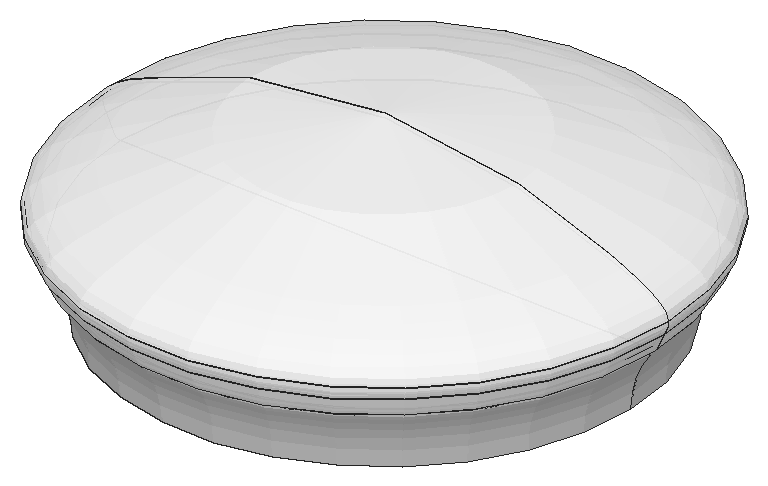
Revit family "0043405", category Lighting Devices, host Face, Revit 2023 (continued)
Definition of nested family "0043405_3000K_8.3W_lightsource"
  Parameters (values of type "START SURFACE IP54 500-2000 830/840 lightsource")
    built-in parameter 1150142 = "IESNA:LM-63-2002\r\n[TEST] 20231205007M-01\r\n[TESTLAB] \r\n[TESTDATE] 7 Dec 2023\r\n[ISSUEDATE] 7 Dec 2023\r\n[MANUFAC] SYLVANIA\r\n[LUMCAT] 0043405\r\n[LUMINAIRE] START Surface IP44 Multip 2000lm 830/840-3000K 3µµ\r\n[FLASHAREA] 0.017100\r\n[LAMPCAT] LED\r\n[LAMP] LED\r\nTILT=NONE\r\n1 930.00 1.0 361 3 1 2 -0.300 -0.300 0.000\r\n1.00 1.00 8.30\r\n0.00 0.50 1.00 1.50 2.00 2.50 3.00 3.50 4.00 4.50 5.00 \r\n5.50 6.00 6.50 7.00 7.50 8.00 8.50 9.00 9.50 10.00 10.50 \r\n11.00 11.50 12.00 12.50 13.00 13.50 14.00 14.50 15.00 \r\n15.50 16.00 16.50 17.00 17.50 18.00 18.50 19.00 19.50 \r\n20.00 20.50 21.00 21.50 22.00 22.50 23.00 23.50 24.00 \r\n24.50 25.00 25.50 26.00 26.50 27.00 27.50 28.00 28.50 \r\n29.00 29.50 30.00 30.50 31.00 31.50 32.00 32.50 33.00 \r\n33.50 34.00 34.50 35.00 35.50 36.00 36.50 37.00 37.50 \r\n38.00 38.50 39.00 39.50 40.00 40.50 41.00 41.50 42.00 \r\n42.50 43.00 43.50 44.00 44.50 45.00 45.50 46.00 46.50 \r\n47.00 47.50 48.00 48.50 49.00 49.50 50.00 50.50 51.00 \r\n51.50 52.00 52.50 53.00 53.50 54.00 54.50 55.00 55.50 \r\n56.00 56.50 57.00 57.50 58.00 58.50 59.00 59.50 60.00 \r\n60.50 61.00 61.50 62.00 62.50 63.00 63.50 64.00 64.50 \r\n65.00 65.50 66.00 66.50 67.00 67.50 68.00 68.50 69.00 \r\n69.50 70.00 70.50 71.00 71.50 72.00 72.50 73.00 73.50 \r\n74.00 74.50 75.00 75.50 76.00 76.50 77.00 77.50 78.00 \r\n78.50 79.00 79.50 80.00 80.50 81.00 81.50 82.00 82.50 \r\n83.00 83.50 84.00 84.50 85.00 85.50 86.00 86.50 87.00 \r\n87.50 88.00 88.50 89.00 89.50 90.00 90.50 91.00 91.50 \r\n92.00 92.50 93.00 93.50 94.00 94.50 95.00 95.50 96.00 \r\n96.50 97.00 97.50 98.00 98.50 99.00 99.50 100.00 100.50 \r\n101.00 101.50 102.00 102.50 103.00 103.50 104.00 104.50 \r\n105.00 105.50 106.00 106.50 107.00 107.50 108.00 108.50 \r\n109.00 109.50 110.00 110.50 111.00 111.50 112.00 112.50 \r\n113.00 113.50 114.00 114.50 115.00 115.50 116.00 116.50 \r\n117.00 117.50 118.00 118.50 119.00 119.50 120.00 120.50 \r\n121.00 121.50 122.00 122.50 123.00 123.50 124.00 124.50 \r\n125.00 125.50 126.00 126.50 127.00 127.50 128.00 128.50 \r\n129.00 129.50 130.00 130.50 131.00 131.50 132.00 132.50 \r\n133.00 133.50 134.00 134.50 135.00 135.50 136.00 136.50 \r\n137.00 137.50 138.00 138.50 139.00 139.50 140.00 140.50 \r\n141.00 141.50 142.00 142.50 143.00 143.50 144.00 144.50 \r\n145.00 145.50 146.00 146.50 147.00 147.50 148.00 148.50 \r\n149.00 149.50 150.00 150.50 151.00 151.50 152.00 152.50 \r\n153.00 153.50 154.00 154.50 155.00 155.50 156.00 156.50 \r\n157.00 157.50 158.00 158.50 159.00 159.50 160.00 160.50 \r\n161.00 161.50 162.00 162.50 163.00 163.50 164.00 164.50 \r\n165.00 165.50 166.00 166.50 167.00 167.50 168.00 168.50 \r\n169.00 169.50 170.00 170.50 171.00 171.50 172.00 172.50 \r\n173.00 173.50 174.00 174.50 175.00 175.50 176.00 176.50 \r\n177.00 177.50 178.00 178.50 179.00 179.50 180.00 \r\n0.00 45.00 90.00 \r\n254.26 254.17 254.08 254.08 253.89 253.80 253.61 253.43 \r\n253.33 253.05 252.87 252.68 252.40 252.03 251.75 251.47 \r\n251.10 250.82 250.36 249.98 249.52 249.15 248.68 248.22 \r\n247.75 247.29 246.73 246.17 245.61 245.06 244.40 243.85 \r\n243.20 242.45 241.80 241.15 240.41 239.66 238.92 238.08 \r\n237.34 236.50 235.76 234.83 233.99 233.15 232.22 231.29 \r\n230.36 229.43 228.50 227.48 226.46 225.43 224.41 223.39 \r\n222.27 221.15 220.04 218.92 217.71 216.60 215.39 214.18 \r\n212.97 211.76 210.55 209.34 208.04 206.74 205.44 204.04 \r\n202.74 201.44 200.14 198.74 197.35 195.95 194.56 193.16 \r\n191.77 190.28 188.79 187.30 185.81 184.33 182.84 181.35 \r\n179.77 178.19 176.61 175.03 173.45 171.86 170.19 168.61 \r\n166.94 165.26 163.59 161.91 160.24 158.56 156.89 155.12 \r\n153.45 151.68 149.92 148.15 146.38 144.62 142.85 141.08 \r\n139.31 137.45 135.69 133.83 132.06 130.20 128.43 126.57 \r\n124.81 122.95 121.09 119.23 117.46 115.69 113.83 111.97 \r\n110.30 108.44 106.67 104.81 103.14 101.28 99.51 97.84 \r\n96.07 94.40 92.65 90.93 89.22 87.55 85.87 84.23 82.59 \r\n81.05 79.46 77.87 76.25 74.79 73.24 71.70 70.23 68.77 \r\n67.29 65.87 64.41 62.98 61.58 60.25 58.91 57.64 56.40 \r\n55.21 53.99 52.81 51.66 50.48 49.34 48.25 47.13 46.07 \r\n44.99 43.91 42.86 41.86 40.82 39.79 38.77 37.79 36.83 \r\n35.88 34.92 34.04 33.19 32.35 31.54 30.78 30.00 29.26 \r\n28.55 27.86 27.18 26.51 25.89 25.27 24.66 24.09 23.54 \r\n23.02 22.52 22.02 21.53 21.06 20.59 20.13 19.72 19.33 \r\n18.97 18.64 18.30 17.99 17.70 17.42 17.17 16.90 16.67 \r\n16.43 16.24 16.01 15.82 15.64 15.46 15.29 15.11 14.95 \r\n14.80 14.66 14.51 14.38 14.23 14.08 13.97 13.84 13.70 \r\n13.58 13.49 13.35 13.23 13.13 13.00 12.89 12.78 12.66 \r\n12.54 12.42 12.30 12.18 12.06 11.94 11.81 11.69 11.57 \r\n11.45 11.32 11.18 11.05 10.93 10.80 10.67 10.53 10.41 \r\n10.30 10.16 10.04 9.95 9.87 9.75 9.64 9.55 9.44 9.32 9.20 \r\n9.11 8.99 8.88 8.78 8.69 8.56 8.46 8.37 8.28 8.20 8.11 \r\n8.01 7.92 7.77 7.59 7.42 7.24 7.06 6.87 6.70 6.53 6.36 \r\n6.20 6.03 5.88 5.73 5.59 5.46 5.37 5.30 5.25 5.22 5.21 \r\n5.21 5.20 5.24 5.25 5.25 5.27 5.27 5.28 5.29 5.28 5.29 \r\n5.28 5.32 5.37 5.43 5.47 5.52 5.54 5.56 5.48 5.41 5.34 \r\n5.26 5.19 5.12 4.73 4.25 3.75 3.30 2.98 2.83 2.74 2.69 \r\n2.56 2.35 2.15 2.08 2.08 2.16 2.29 2.37 2.45 2.53 2.56 \r\n2.67 3.18 3.29 3.53 3.94 4.41 4.73 4.95 5.01 4.96 4.85 \r\n254.26 254.17 254.17 254.17 254.08 253.98 253.80 253.80 \r\n253.61 253.43 253.33 253.15 252.87 252.68 252.40 252.12 \r\n251.84 251.57 251.19 250.91 250.54 250.17 249.71 249.24 \r\n248.78 248.31 247.75 247.29 246.73 246.26 245.71 245.06 \r\n244.50 243.94 243.20 242.54 241.89 241.24 240.50 239.75 \r\n239.01 238.27 237.52 236.69 235.85 235.01 234.17 233.24 \r\n232.41 231.38 230.45 229.52 228.50 227.57 226.55 225.53 \r\n224.50 223.39 222.27 221.15 220.04 218.92 217.81 216.69 \r\n215.48 214.27 213.06 211.76 210.55 209.25 208.04 206.65 \r\n205.44 204.04 202.74 201.34 200.04 198.56 197.16 195.77 \r\n194.28 192.79 191.39 189.91 188.42 186.93 185.44 183.95 \r\n182.37 180.89 179.30 177.72 176.14 174.56 172.89 171.31 \r\n169.63 167.96 166.38 164.70 163.03 161.26 159.59 157.91 \r\n156.24 154.47 152.71 150.94 149.17 147.41 145.64 143.87 \r\n142.10 140.34 138.48 136.71 134.85 133.08 131.32 129.46 \r\n127.60 125.83 123.97 122.11 120.34 118.48 116.72 114.86 \r\n113.09 111.32 109.46 107.69 105.83 104.07 102.39 100.63 \r\n98.86 97.09 95.42 93.65 91.88 90.26 88.58 86.86 85.23 \r\n83.63 81.95 80.32 78.79 77.16 75.58 74.07 72.57 71.04 \r\n69.55 68.10 66.70 65.30 63.88 62.47 61.06 59.72 58.39 \r\n57.07 55.75 54.47 53.26 52.06 50.85 49.70 48.55 47.37 \r\n46.30 45.15 44.04 42.97 41.93 40.90 39.88 38.85 37.91 \r\n37.00 36.06 35.13 34.30 33.38 32.51 31.71 30.96 30.14 \r\n29.41 28.65 27.95 27.23 26.55 25.89 25.28 24.64 24.07 \r\n23.48 22.95 22.48 21.99 21.51 21.08 20.63 20.20 19.77 \r\n19.39 19.01 18.66 18.31 18.00 17.70 17.42 17.15 16.89 \r\n16.64 16.41 16.18 16.01 15.81 15.64 15.48 15.33 15.19 \r\n15.08 14.95 14.83 14.74 14.66 14.57 14.49 14.43 14.35 \r\n14.29 14.22 14.14 14.05 13.93 13.83 13.71 13.58 13.45 \r\n13.30 13.16 13.01 12.82 12.67 12.49 12.29 12.11 11.90 \r\n11.70 11.52 11.35 11.17 10.99 10.82 10.66 10.49 10.34 \r\n10.16 10.00 9.82 9.62 9.41 9.17 8.92 8.65 8.38 8.11 7.86 \r\n7.60 7.33 7.07 6.81 6.58 6.34 6.11 5.91 5.71 5.53 5.38 \r\n5.21 5.08 4.93 4.80 4.68 4.58 4.46 4.35 4.26 4.15 4.08 \r\n4.00 3.95 3.96 3.96 3.98 3.99 3.99 4.03 4.07 4.15 4.22 \r\n4.28 4.33 4.40 4.45 4.54 4.64 4.73 4.80 4.85 4.86 4.86 \r\n4.85 4.82 4.77 4.71 4.58 4.42 4.28 4.20 4.14 4.01 3.82 \r\n3.64 3.43 3.24 3.06 2.84 2.55 2.31 2.29 2.27 2.26 2.24 \r\n2.22 2.21 2.19 2.18 2.16 2.14 2.13 2.11 2.09 2.12 2.15 \r\n2.22 2.43 2.65 2.96 3.34 3.85 4.41 4.94 5.16 5.16 5.15 \r\n254.26 254.26 254.26 254.26 254.17 254.17 254.08 253.98 \r\n253.80 253.61 253.52 253.33 253.15 252.87 252.68 252.40 \r\n252.03 251.75 251.47 251.10 250.73 250.36 249.98 249.52 \r\n249.05 248.59 248.12 247.66 247.19 246.64 246.08 245.52 \r\n244.87 244.22 243.66 243.01 242.36 241.61 240.87 240.13 \r\n239.38 238.55 237.80 236.96 236.13 235.38 234.45 233.62 \r\n232.69 231.76 230.83 229.90 228.97 228.04 226.92 225.99 \r\n224.97 223.85 222.74 221.62 220.50 219.29 218.18 216.97 \r\n215.85 214.64 213.44 212.23 210.92 209.72 208.41 207.02 \r\n205.72 204.41 203.11 201.72 200.32 199.02 197.53 196.23 \r\n194.84 193.35 191.95 190.46 188.98 187.49 186.00 184.42 \r\n182.84 181.26 179.77 178.19 176.61 175.03 173.45 171.77 \r\n170.10 168.42 166.75 165.17 163.49 161.73 160.05 158.38 \r\n156.61 154.84 153.17 151.40 149.64 147.87 146.10 144.24 \r\n142.48 140.71 138.94 137.08 135.31 133.46 131.69 129.83 \r\n128.06 126.20 124.34 122.48 120.71 118.95 117.09 115.23 \r\n113.46 111.60 109.83 108.07 106.21 104.44 102.77 101.00 \r\n99.23 97.46 95.79 94.02 92.26 90.56 88.88 87.22 85.57 \r\n83.98 82.32 80.69 79.12 77.54 76.00 74.47 72.92 71.40 \r\n69.94 68.48 67.03 65.58 64.15 62.73 61.33 59.91 58.58 \r\n57.29 55.97 54.74 53.45 52.21 50.96 49.84 48.70 47.52 \r\n46.40 45.32 44.23 43.12 42.10 41.08 40.05 39.03 38.01 \r\n37.06 36.09 35.15 34.30 33.45 32.61 31.82 31.02 30.25 \r\n29.50 28.79 28.10 27.43 26.73 26.10 25.45 24.87 24.29 \r\n23.72 23.19 22.68 22.19 21.72 21.23 20.77 20.30 19.89 \r\n19.51 19.13 18.80 18.46 18.14 17.85 17.60 17.32 17.07 \r\n16.84 16.57 16.35 16.16 15.98 15.81 15.66 15.51 15.37 \r\n15.25 15.15 15.04 14.91 14.81 14.75 14.66 14.55 14.47 \r\n14.41 14.30 14.21 14.14 14.06 13.99 13.93 13.87 13.80 \r\n13.74 13.69 13.62 13.58 13.50 13.45 13.39 13.34 13.28 \r\n13.23 13.17 13.13 13.06 13.01 12.95 12.88 12.79 12.71 \r\n12.63 12.49 12.38 12.25 12.09 11.93 11.76 11.59 11.38 \r\n11.22 11.00 10.82 10.60 10.40 10.19 9.99 9.74 9.53 9.31 \r\n9.10 8.90 8.71 8.54 8.38 8.22 8.10 7.97 7.83 7.70 7.56 \r\n7.41 7.29 7.16 7.03 6.92 6.81 6.71 6.61 6.49 6.40 6.30 \r\n6.21 6.12 6.03 5.92 5.81 5.68 5.54 5.43 5.32 5.19 5.08 \r\n4.94 4.74 4.48 4.28 4.08 3.86 3.68 3.50 3.29 3.08 2.84 \r\n2.60 2.40 2.23 2.10 2.04 2.01 2.01 2.10 2.31 2.53 2.73 \r\n2.86 2.94 2.97 2.98 2.78 2.49 2.28 2.28 2.28 2.28 2.27 \r\n2.27 2.27 2.27 2.30 2.51 2.71 2.91 3.17 3.54 4.07 4.60 \r\n4.90 5.04 5.10 \r\n"
    Model = "START SURFACE IP54 500-2000 830/840 lightsource"
    Manufacturer = "Feilo Sylvania"
    built-in parameter 1150105 = 272.3 (stored number, unit not read)
    Lumens = 996 lm
    built-in parameter 1150115 = 1 (stored number, unit not read)
    built-in parameter 1150137 = (empty or 0)
    built-in parameter 1150139 = (empty or 0)
    built-in parameter 1150112 = 1 (stored number, unit not read)
    built-in parameter 1150114 = 1 (stored number, unit not read)
    Lamp = "LED"
    Keynote = "16500"
    built-in parameter 1150132 = (empty or 0)
    built-in parameter 1150102 = 120
    built-in parameter 1150107 = 3000 (stored number, unit not read)
    built-in parameter 1150138 = (empty or 0)
    built-in parameter 1150106 = 2.723 (stored number, unit not read)
    Emit from Circle Diameter = 300 mm  # constant formula
    Emit Shape Visible in Rendering = no
    built-in parameter 1150104 = 11.148 (stored number, unit not read)
    Dimming Lamp Color Temperature Shift = (empty or 0)
    Description = ""
    Default Elevation = 1219.2 mm
    Cost = 0
    Color Filter = 16777215
    built-in parameter 1114216 [instance] = (empty or 0)
    built-in parameter 1114218 = 1 (stored number, unit not read)
    built-in parameter 1150133 = 10 (stored number, unit not read)
    Assembly Code = "D5020200"
    Apparent Load = 0 VA
  Reference planes
    plane 1 "Center (Front/Back)": y = 0
    plane 2: z = 0
    plane 3 "Center (Left/Right)": x = 0
  Forms (mm)
    Extrusion 1, solid
      sketch origin (4.2, 0, 0) x (1, 0, 0) y (0, 1, 0)
        loop
          line (-1219.2, 1219.2) -> (-1219.2, -1219.2) -> (1219.2, -1219.2) -> (1219.2, 1219.2) -> (-1219.2, 1219.2)
      from 0 to -68.017
  Dimensions and locks
    aligned and locked: plane 2 to Extrusion 1
    aligned and locked: level to Extrusion 1
Definition of nested family "0043405_3000K_12.5W_lightsource"
  Parameters (values of type "START SURFACE IP54 500-2000 830/840 lightsource")
    Wattage Comments = "n/a"
    Wattage = 12.5 W
    built-in parameter 1150110 = 1 (stored number, unit not read)
    URL = "http://www.sylvania-lighting.com"
    Type Image = (empty or 0)
    Type Comments = "n/a"
    built-in parameter 1114217 = 1 (stored number, unit not read)
    Tilt Angle = -90.00°
    built-in parameter 1150109 = 1 (stored number, unit not read)
    built-in parameter 1150134 = (empty or 0)
    built-in parameter 1150113 = 1 (stored number, unit not read)
    Photometric Web File = "0043405_3000K_12.5W.IES"
    built-in parameter 1150142 = "IESNA:LM-63-2002\r\n[TEST] 20231205007M-01\r\n[TESTLAB] \r\n[TESTDATE] 7 Dec 2023\r\n[ISSUEDATE] 7 Dec 2023\r\n[MANUFAC] SYLVANIA\r\n[LUMCAT] 0043405\r\n[LUMINAIRE] START Surface IP44 Multip 2000lm 830/840-3000K 2µµ\r\n[FLASHAREA] 0.017100\r\n[LAMPCAT] LED\r\n[LAMP] LED\r\nTILT=NONE\r\n1 1400.00 1.0 361 3 1 2 -0.300 -0.300 0.000\r\n1.00 1.00 12.50\r\n0.00 0.50 1.00 1.50 2.00 2.50 3.00 3.50 4.00 4.50 5.00 \r\n5.50 6.00 6.50 7.00 7.50 8.00 8.50 9.00 9.50 10.00 10.50 \r\n11.00 11.50 12.00 12.50 13.00 13.50 14.00 14.50 15.00 \r\n15.50 16.00 16.50 17.00 17.50 18.00 18.50 19.00 19.50 \r\n20.00 20.50 21.00 21.50 22.00 22.50 23.00 23.50 24.00 \r\n24.50 25.00 25.50 26.00 26.50 27.00 27.50 28.00 28.50 \r\n29.00 29.50 30.00 30.50 31.00 31.50 32.00 32.50 33.00 \r\n33.50 34.00 34.50 35.00 35.50 36.00 36.50 37.00 37.50 \r\n38.00 38.50 39.00 39.50 40.00 40.50 41.00 41.50 42.00 \r\n42.50 43.00 43.50 44.00 44.50 45.00 45.50 46.00 46.50 \r\n47.00 47.50 48.00 48.50 49.00 49.50 50.00 50.50 51.00 \r\n51.50 52.00 52.50 53.00 53.50 54.00 54.50 55.00 55.50 \r\n56.00 56.50 57.00 57.50 58.00 58.50 59.00 59.50 60.00 \r\n60.50 61.00 61.50 62.00 62.50 63.00 63.50 64.00 64.50 \r\n65.00 65.50 66.00 66.50 67.00 67.50 68.00 68.50 69.00 \r\n69.50 70.00 70.50 71.00 71.50 72.00 72.50 73.00 73.50 \r\n74.00 74.50 75.00 75.50 76.00 76.50 77.00 77.50 78.00 \r\n78.50 79.00 79.50 80.00 80.50 81.00 81.50 82.00 82.50 \r\n83.00 83.50 84.00 84.50 85.00 85.50 86.00 86.50 87.00 \r\n87.50 88.00 88.50 89.00 89.50 90.00 90.50 91.00 91.50 \r\n92.00 92.50 93.00 93.50 94.00 94.50 95.00 95.50 96.00 \r\n96.50 97.00 97.50 98.00 98.50 99.00 99.50 100.00 100.50 \r\n101.00 101.50 102.00 102.50 103.00 103.50 104.00 104.50 \r\n105.00 105.50 106.00 106.50 107.00 107.50 108.00 108.50 \r\n109.00 109.50 110.00 110.50 111.00 111.50 112.00 112.50 \r\n113.00 113.50 114.00 114.50 115.00 115.50 116.00 116.50 \r\n117.00 117.50 118.00 118.50 119.00 119.50 120.00 120.50 \r\n121.00 121.50 122.00 122.50 123.00 123.50 124.00 124.50 \r\n125.00 125.50 126.00 126.50 127.00 127.50 128.00 128.50 \r\n129.00 129.50 130.00 130.50 131.00 131.50 132.00 132.50 \r\n133.00 133.50 134.00 134.50 135.00 135.50 136.00 136.50 \r\n137.00 137.50 138.00 138.50 139.00 139.50 140.00 140.50 \r\n141.00 141.50 142.00 142.50 143.00 143.50 144.00 144.50 \r\n145.00 145.50 146.00 146.50 147.00 147.50 148.00 148.50 \r\n149.00 149.50 150.00 150.50 151.00 151.50 152.00 152.50 \r\n153.00 153.50 154.00 154.50 155.00 155.50 156.00 156.50 \r\n157.00 157.50 158.00 158.50 159.00 159.50 160.00 160.50 \r\n161.00 161.50 162.00 162.50 163.00 163.50 164.00 164.50 \r\n165.00 165.50 166.00 166.50 167.00 167.50 168.00 168.50 \r\n169.00 169.50 170.00 170.50 171.00 171.50 172.00 172.50 \r\n173.00 173.50 174.00 174.50 175.00 175.50 176.00 176.50 \r\n177.00 177.50 178.00 178.50 179.00 179.50 180.00 \r\n0.00 45.00 90.00 \r\n381.78 381.78 381.64 381.50 381.22 381.08 380.80 380.66 \r\n380.38 379.96 379.54 379.26 378.84 378.42 378.00 377.58 \r\n377.02 376.46 375.90 375.20 374.64 373.94 373.24 372.54 \r\n371.70 371.00 370.16 369.32 368.48 367.64 366.66 365.82 \r\n364.84 363.72 362.74 361.76 360.64 359.52 358.40 357.14 \r\n356.02 354.76 353.50 352.24 350.98 349.58 348.32 346.92 \r\n345.52 343.98 342.58 341.04 339.50 337.96 336.28 334.74 \r\n333.20 331.52 329.84 328.02 326.34 324.66 322.84 321.16 \r\n319.20 317.38 315.56 313.60 311.78 309.82 307.86 305.76 \r\n303.80 301.84 299.74 297.64 295.68 293.58 291.34 289.24 \r\n287.00 284.90 282.80 280.42 278.18 275.94 273.70 271.46 \r\n269.08 266.84 264.46 262.08 259.70 257.32 254.94 252.42 \r\n249.90 247.52 245.00 242.62 240.10 237.44 234.92 232.40 \r\n229.74 227.22 224.56 221.90 219.38 216.72 214.06 211.40 \r\n208.74 206.08 203.42 200.62 197.96 195.30 192.64 189.84 \r\n187.04 184.38 181.72 178.92 176.26 173.60 170.80 168.00 \r\n165.20 162.54 159.88 157.22 154.56 152.04 149.24 146.72 \r\n144.06 141.54 138.94 136.37 133.80 131.31 128.79 126.36 \r\n123.94 121.55 119.13 116.76 114.42 112.15 109.80 107.52 \r\n105.29 103.05 100.80 98.69 96.57 94.50 92.41 90.36 88.37 \r\n86.42 84.52 82.63 80.74 78.93 77.13 75.33 73.58 71.90 \r\n70.25 68.60 67.02 65.45 63.87 62.34 60.82 59.32 57.82 \r\n56.39 55.01 53.61 52.26 50.92 49.64 48.44 47.25 46.10 \r\n44.98 43.90 42.84 41.83 40.84 39.84 38.89 38.00 37.11 \r\n36.25 35.36 34.58 33.81 33.10 32.37 31.70 31.05 30.44 \r\n29.83 29.29 28.74 28.21 27.72 27.26 26.78 26.35 25.90 \r\n25.52 25.14 24.79 24.47 24.16 23.87 23.60 23.32 23.06 \r\n22.82 22.58 22.34 22.11 21.91 21.70 21.49 21.31 21.11 \r\n20.93 20.73 20.57 20.40 20.20 20.03 19.87 19.70 19.53 \r\n19.35 19.19 19.00 18.83 18.66 18.48 18.30 18.13 17.93 \r\n17.77 17.58 17.40 17.22 17.04 16.84 16.66 16.48 16.28 \r\n16.09 15.92 15.75 15.55 15.40 15.25 15.09 14.94 14.78 \r\n14.62 14.46 14.28 14.14 13.97 13.80 13.63 13.48 13.32 \r\n13.16 12.99 12.86 12.71 12.57 12.44 12.29 12.11 11.87 \r\n11.63 11.38 11.12 10.84 10.57 10.29 10.04 9.80 9.54 9.30 \r\n9.09 8.87 8.66 8.48 8.33 8.24 8.13 8.08 8.04 8.04 8.06 \r\n8.15 8.20 8.23 8.28 8.31 8.33 8.36 8.37 8.40 8.42 8.44 \r\n8.46 8.56 8.62 8.72 8.75 8.78 8.79 8.79 8.80 8.74 8.48 \r\n8.08 7.52 6.85 6.09 5.37 4.81 4.47 4.28 4.18 3.98 3.67 \r\n3.38 3.21 3.21 3.34 3.52 3.62 3.71 3.82 3.86 3.95 4.72 \r\n4.89 5.24 5.84 6.50 7.06 7.44 7.63 7.58 7.37 \r\n381.78 381.78 381.78 381.64 381.50 381.36 381.22 381.08 \r\n380.80 380.66 380.38 380.10 379.68 379.40 378.98 378.56 \r\n378.00 377.58 377.02 376.46 376.04 375.34 374.78 374.08 \r\n373.38 372.68 371.98 371.14 370.30 369.46 368.62 367.78 \r\n366.80 365.82 364.84 363.86 362.88 361.76 360.78 359.52 \r\n358.40 357.28 356.02 354.90 353.64 352.24 350.98 349.58 \r\n348.18 346.78 345.38 343.98 342.58 341.04 339.50 337.96 \r\n336.42 334.74 333.06 331.52 329.84 328.02 326.34 324.52 \r\n322.70 320.88 319.06 317.10 315.28 313.46 311.50 309.54 \r\n307.58 305.62 303.52 301.56 299.46 297.36 295.26 293.30 \r\n291.06 288.96 286.72 284.62 282.38 280.14 277.76 275.52 \r\n273.28 270.90 268.66 266.28 263.90 261.52 259.14 256.62 \r\n254.24 251.86 249.34 246.82 244.30 241.78 239.26 236.74 \r\n234.22 231.56 229.04 226.38 223.72 221.06 218.54 216.02 \r\n213.08 210.42 207.76 205.10 202.30 199.64 196.98 194.18 \r\n191.52 188.86 186.06 183.40 180.60 177.94 175.14 172.48 \r\n169.82 167.16 164.50 161.84 159.18 156.52 153.86 151.20 \r\n148.68 146.02 143.50 140.84 138.28 135.80 133.27 130.76 \r\n128.31 125.90 123.42 121.00 118.69 116.27 113.96 111.66 \r\n109.41 107.13 104.90 102.77 100.58 98.42 96.28 94.16 \r\n92.12 90.05 88.07 86.03 84.08 82.15 80.28 78.43 76.61 \r\n74.87 73.11 71.36 69.69 68.01 66.42 64.76 63.22 61.66 \r\n60.14 58.63 57.19 55.76 54.38 53.06 51.73 50.41 49.15 \r\n47.95 46.77 45.57 44.46 43.36 42.28 41.24 40.24 39.30 \r\n38.37 37.51 36.62 35.78 34.97 34.17 33.43 32.69 32.00 \r\n31.32 30.67 30.09 29.50 28.95 28.41 27.94 27.50 27.03 \r\n26.64 26.21 25.86 25.49 25.16 24.84 24.56 24.28 24.02 \r\n23.79 23.56 23.39 23.17 23.02 22.86 22.72 22.60 22.47 \r\n22.36 22.27 22.16 22.08 21.97 21.85 21.71 21.57 21.41 \r\n21.25 21.08 20.89 20.68 20.45 20.22 19.96 19.71 19.45 \r\n19.15 18.87 18.56 18.28 17.99 17.72 17.44 17.21 16.94 \r\n16.70 16.45 16.20 15.95 15.68 15.41 15.09 14.77 14.41 \r\n14.01 13.62 13.21 12.82 12.40 12.02 11.64 11.26 10.88 \r\n10.51 10.15 9.80 9.49 9.20 8.93 8.67 8.45 8.21 7.99 7.78 \r\n7.56 7.39 7.21 7.02 6.85 6.71 6.57 6.45 6.32 6.30 6.30 \r\n6.30 6.31 6.32 6.37 6.41 6.54 6.64 6.75 6.85 6.92 7.01 \r\n7.16 7.32 7.47 7.60 7.70 7.75 7.77 7.77 7.76 7.70 7.60 \r\n7.43 7.19 6.98 6.86 6.74 6.53 6.25 5.89 5.55 5.21 4.88 \r\n4.46 3.97 3.54 3.51 3.49 3.46 3.44 3.41 3.39 3.36 3.33 \r\n3.31 3.28 3.26 3.23 3.21 3.23 3.29 3.35 3.56 3.85 4.26 \r\n4.87 5.57 6.39 7.27 7.83 7.98 7.97 \r\n381.78 381.78 381.78 381.78 381.78 381.64 381.50 381.36 \r\n381.22 380.94 380.80 380.52 380.10 379.82 379.54 379.12 \r\n378.70 378.14 377.72 377.30 376.74 376.18 375.62 374.92 \r\n374.36 373.66 372.82 372.12 371.42 370.58 369.74 368.90 \r\n368.06 367.08 366.24 365.26 364.28 363.16 362.18 361.06 \r\n359.94 358.82 357.70 356.44 355.18 354.06 352.66 351.40 \r\n350.00 348.60 347.34 345.80 344.40 343.00 341.32 339.92 \r\n338.38 336.70 335.16 333.48 331.80 330.12 328.30 326.62 \r\n324.94 323.12 321.30 319.48 317.52 315.70 313.74 311.78 \r\n309.82 308.00 305.90 303.94 301.84 299.74 297.64 295.54 \r\n293.44 291.20 289.10 286.86 284.76 282.52 280.28 278.04 \r\n275.80 273.42 271.04 268.66 266.28 264.04 261.66 259.14 \r\n256.62 254.24 251.72 249.20 246.68 244.30 241.64 239.12 \r\n236.46 233.94 231.28 228.62 225.96 223.44 220.78 218.12 \r\n215.46 212.80 210.14 207.34 204.68 202.02 199.22 196.56 \r\n193.76 190.96 188.30 185.50 182.84 180.04 177.38 174.58 \r\n171.78 169.12 166.46 163.80 161.14 158.34 155.68 153.16 \r\n150.36 147.84 145.18 142.52 139.94 137.34 134.81 132.27 \r\n129.78 127.39 124.87 122.40 120.05 117.68 115.29 112.94 \r\n110.61 108.40 106.08 103.84 101.61 99.44 97.29 95.21 \r\n93.13 91.07 89.10 87.07 85.11 83.22 81.33 79.42 77.55 \r\n75.81 74.03 72.24 70.50 68.81 67.19 65.59 63.99 62.47 \r\n60.94 59.43 57.95 56.55 55.09 53.75 52.37 51.10 49.80 \r\n48.59 47.39 46.23 45.12 44.04 42.98 41.93 40.89 39.96 \r\n38.99 38.07 37.18 36.29 35.46 34.68 33.92 33.19 32.48 \r\n31.81 31.18 30.58 30.02 29.44 28.92 28.41 27.93 27.45 \r\n27.03 26.57 26.18 25.83 25.45 25.10 24.82 24.56 24.32 \r\n24.07 23.87 23.67 23.48 23.31 23.14 22.99 22.83 22.72 \r\n22.60 22.46 22.33 22.20 22.09 21.92 21.81 21.70 21.60 \r\n21.52 21.43 21.34 21.25 21.18 21.07 21.00 20.90 20.82 \r\n20.73 20.65 20.57 20.50 20.43 20.36 20.27 20.19 20.10 \r\n20.01 19.88 19.77 19.61 19.46 19.26 19.05 18.86 18.61 \r\n18.35 18.10 17.81 17.53 17.22 16.93 16.63 16.30 15.97 \r\n15.65 15.32 14.99 14.64 14.32 14.00 13.71 13.43 13.17 \r\n12.94 12.73 12.52 12.31 12.12 11.93 11.72 11.52 11.33 \r\n11.15 10.97 10.81 10.65 10.47 10.31 10.15 10.00 9.85 9.70 \r\n9.54 9.39 9.21 9.00 8.78 8.59 8.40 8.21 8.01 7.80 7.53 \r\n7.20 6.87 6.57 6.26 5.99 5.71 5.41 5.06 4.68 4.32 3.97 \r\n3.69 3.44 3.28 3.19 3.16 3.32 3.63 3.97 4.30 4.48 4.62 \r\n4.70 4.70 4.38 3.95 3.59 3.46 3.46 3.47 3.49 3.54 3.57 \r\n3.61 3.68 3.86 4.14 4.44 4.83 5.35 6.14 7.00 7.57 7.87 \r\n8.00 \r\n"
    Model = "START SURFACE IP54 500-2000 830/840 lightsource"
    Manufacturer = "Feilo Sylvania"
    built-in parameter 1150105 = 409.05 (stored number, unit not read)
    Lumens = 1500 lm
    built-in parameter 1150115 = 1 (stored number, unit not read)
    built-in parameter 1150137 = (empty or 0)
    built-in parameter 1150139 = (empty or 0)
    built-in parameter 1150112 = 1 (stored number, unit not read)
    built-in parameter 1150114 = 1 (stored number, unit not read)
    Lamp = "LED"
    Keynote = "16500"
    built-in parameter 1150132 = (empty or 0)
    built-in parameter 1150102 = 120
    built-in parameter 1150107 = 3000 (stored number, unit not read)
    built-in parameter 1150138 = (empty or 0)
    built-in parameter 1150106 = 4.0905 (stored number, unit not read)
    Emit from Circle Diameter = 300 mm  # constant formula
    Emit Shape Visible in Rendering = no
    built-in parameter 1150104 = 11.148 (stored number, unit not read)
    Dimming Lamp Color Temperature Shift = (empty or 0)
    Description = ""
    Default Elevation = 1219.2 mm
    Cost = 0
    Color Filter = 16777215
    built-in parameter 1114216 [instance] = (empty or 0)
    built-in parameter 1114218 = 1 (stored number, unit not read)
    built-in parameter 1150133 = 10 (stored number, unit not read)
    Assembly Code = "D5020200"
    Apparent Load = 0 VA
  Reference planes
    plane 1 "Center (Front/Back)": y = 0
    plane 2: z = 0
    plane 3 "Center (Left/Right)": x = 0
  Forms (mm)
    Extrusion 1, solid
      sketch origin (4.2, 0, 0) x (1, 0, 0) y (0, 1, 0)
        loop
          line (-1219.2, 1219.2) -> (-1219.2, -1219.2) -> (1219.2, -1219.2) -> (1219.2, 1219.2) -> (-1219.2, 1219.2)
      from 0 to -68.017
  Dimensions and locks
    aligned and locked: plane 2 to Extrusion 1
    aligned and locked: level to Extrusion 1
Definition of nested family "0043405_3000K_16.5W_lightsource"
  Parameters (values of type "START SURFACE IP54 500-2000 830/840 lightsource")
    Wattage Comments = "n/a"
    Wattage = 16.5 W
    built-in parameter 1150110 = 1 (stored number, unit not read)
    URL = "http://www.sylvania-lighting.com"
    Type Image = (empty or 0)
    Type Comments = "n/a"
    built-in parameter 1114217 = 1 (stored number, unit not read)
    Tilt Angle = -90.00°
    built-in parameter 1150109 = 1 (stored number, unit not read)
    built-in parameter 1150134 = (empty or 0)
    built-in parameter 1150113 = 1 (stored number, unit not read)
    Photometric Web File = "0043405_3000K_16.5W.IES"
    Model = "START SURFACE IP54 500-2000 830/840 lightsource"
    Manufacturer = "Feilo Sylvania"
    built-in parameter 1150105 = 540.34 (stored number, unit not read)
    Lumens = 1980 lm
    built-in parameter 1150115 = 1 (stored number, unit not read)
    built-in parameter 1150137 = (empty or 0)
    built-in parameter 1150139 = (empty or 0)
    built-in parameter 1150112 = 1 (stored number, unit not read)
    built-in parameter 1150114 = 1 (stored number, unit not read)
    Lamp = "LED"
    Keynote = "16500"
    built-in parameter 1150132 = (empty or 0)
    built-in parameter 1150102 = 120
    built-in parameter 1150107 = 3000 (stored number, unit not read)
    built-in parameter 1150138 = (empty or 0)
    built-in parameter 1150106 = 5.4034 (stored number, unit not read)
    Emit from Circle Diameter = 300 mm  # constant formula
    Emit Shape Visible in Rendering = no
    built-in parameter 1150104 = 11.148 (stored number, unit not read)
    Dimming Lamp Color Temperature Shift = (empty or 0)
    Description = ""
    Default Elevation = 1219.2 mm
    Cost = 0
    Color Filter = 16777215
    built-in parameter 1114216 [instance] = (empty or 0)
    built-in parameter 1114218 = 1 (stored number, unit not read)
    built-in parameter 1150133 = 10 (stored number, unit not read)
    Assembly Code = "D5020200"
    Apparent Load = 0 VA
  Reference planes
    plane 1 "Center (Front/Back)": y = 0
    plane 2: z = 0
    plane 3 "Center (Left/Right)": x = 0
  Forms (mm)
    Extrusion 1, solid
      sketch origin (4.2, 0, 0) x (1, 0, 0) y (0, 1, 0)
        loop
          line (-1219.2, 1219.2) -> (-1219.2, -1219.2) -> (1219.2, -1219.2) -> (1219.2, 1219.2) -> (-1219.2, 1219.2)
      from 0 to -68.017
  Dimensions and locks
    aligned and locked: plane 2 to Extrusion 1
    aligned and locked: level to Extrusion 1
Definition of nested family "0043405_4000K_5W_lightsource"
  Parameters (values of type "START SURFACE IP54 500-2000 830/840 lightsource")
    Wattage Comments = "n/a"
    Wattage = 5 W
    built-in parameter 1150110 = 1 (stored number, unit not read)
    URL = "http://www.sylvania-lighting.com"
    Type Image = (empty or 0)
